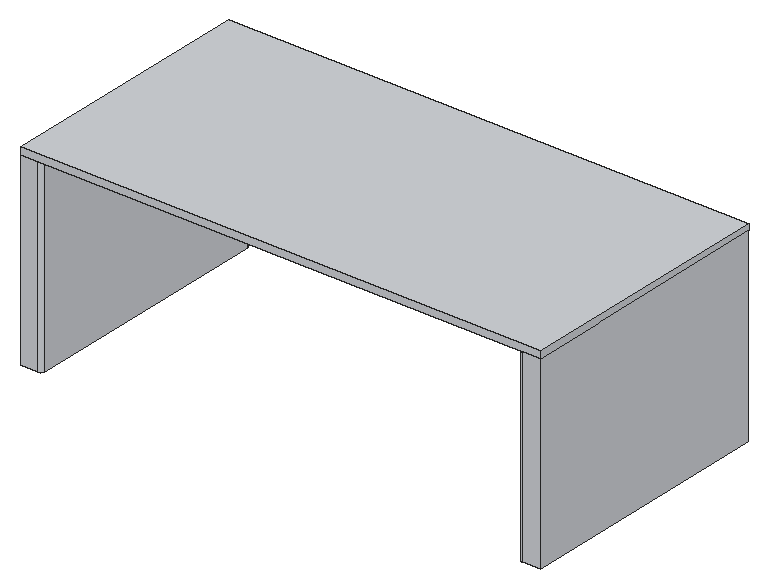
Revit family "Bernhardt_Design-Tables-Freestanding-Block_36h-Blueprint", category Furniture, Revit 2016
Family settings
  OmniClass Number = 23.40.20.00
  OmniClass Title = General Furniture and Specialties
  Work Plane-Based = No
  Always vertical = Yes
  Cut with Voids When Loaded = No
  Shared = No
  Room Calculation Point = No
Parameters (values of type "BPS-BKC-CCSQ000")
  Wood = none
  URL = "http://www.bernhardtdesign.com"
  TotalWidth = 96"
  TotalDepth = 48"
  TableWidth = TotalWidth / 2  # 48"
  TableTopHeight = TotalHeight - 1 1/4"  # 34 3/4"
  TotalHeight = 36"
  TableTop = none
  TableDepth = TotalDepth / 2  # 24"
  Spacer_96in = yes
  Spacer_72in = yes
  Spacer_120in = no
  SKU = "BPS-BKC-CCSQ000"
  RailCapFront = RailCap + 2"  # 2"
  RailCap = 0"
  Model = "Blueprint"  # constant formula
  Manufacturer = "Bernhardt Design"  # constant formula
  Railing_bottom = -Railing_top  # -42"
  Railing_top = CapDistance - 2"  # 42"
  LegDistance = 20"
  LegHeight = TableTopHeight  # 34 3/4"
  Copyright © = "Copyright © Bernhardt Design"  # constant formula
  Catalog = SKU  # "BPS-BKC-CCSQ000"
  CapDistance = 44"
  Blueprint Gray = Blueprint Gray
  BlackPaint = Black Paint
  Authoring Version = "Autodesk Revit 2016"  # constant formula
Types (9): name | TotalWidth | TotalDepth | TableWidth | TableDepth | Spacer_96in | SKU | Railing_bottom | Railing_top | Catalog | CapDistance
  BPS-BGA-CCSQ000 | 72" | 36" | 36" | 18" | no | "BPS-BGA-CCSQ000" | -30" | 30" | "BPS-BGA-CCSQ000" | 32"
  BPS-BKA-CCSQ000 | 96" | 36" | 48" | 18" | yes | "BPS-BKA-CCSQ000" | -42" | 42" | "BPS-BKA-CCSQ000" | 44"
  BPS-B0A-CCSQ000 | 120" | 36" | 60" | 18" | yes | "BPS-B0A-CCSQ000" | -54" | 54" | "BPS-B0A-CCSQ000" | 56"
  BPS-BGB-CCSQ000 | 72" | 42" | 36" | 21" | no | "BPS-BGB-CCSQ000" | -30" | 30" | "BPS-BGB-CCSQ000" | 32"
  BPS-B0B-CCSQ000 | 120" | 42" | 60" | 21" | yes | "BPS-B0B-CCSQ000" | -54" | 54" | "BPS-B0B-CCSQ000" | 56"
  BPS-BKB-CCSQ000 | 96" | 42" | 48" | 21" | yes | "BPS-BKB-CCSQ000" | -42" | 42" | "BPS-BKB-CCSQ000" | 44"
  BPS-B0C-CCSQ000 | 120" | 48" | 60" | 24" | yes | "BPS-B0C-CCSQ000" | -54" | 54" | "BPS-B0C-CCSQ000" | 56"
  BPS-BGC-CCSQ000 | 72" | 48" | 36" | 24" | no | "BPS-BGC-CCSQ000" | -30" | 30" | "BPS-BGC-CCSQ000" | 32"
  BPS-BKC-CCSQ000 | 96" | 48" | 48" | 24" | yes | "BPS-BKC-CCSQ000" | -42" | 42" | "BPS-BKC-CCSQ000" | 44"
Reference planes (in)
  plane 1 "Center Front/Back": y = 0
  plane 2: z = 0
  plane 3 "Center Left/Right": x = 0
  plane 4 "railTop_plane": z = 33.8248
  plane 5 "TableTop_plane": z = 36
  plane 6 "tableBottom_plane": z = 34.75
  plane 7 "railBottom_plane": z = 31.79724
  plane 8 "Crossbar_top_plane": y = 12.06057
  plane 9 "Crossbar_bottom_plane": y = -12.16143
  plane 10 "width_left_plane": x = -48
  plane 11 "width_right_plane": x = 48
  plane 12 "depth_top_plane": y = 24
  plane 13 "depth_bottom_plane": y = -24
  plane 14 "RailEnd_right_plane": x = 44
  plane 15 "RailEnd_left_plane": x = -44
  plane 16 "EndCap_right_plane": x = 45.74932
  plane 17 "EndCap_left_plane": x = -45.74269
Forms (in)
  Extrusion 1, solid, material <- "TableTop"
    sketch origin (0, 0, 0) x (1, 0, 0) y (0, 1, 0)
      loop
        line (-48, 24) -> (-48, -24) -> (48, -24) -> (48, 24) -> (-48, 24)
    from 36 <- "TotalHeight" to 34.75 <- "TableTopHeight"
  Extrusion 2, solid, material "Blueprint Gray" <- "Blueprint Gray"
    sketch origin (0, -6.68362, 17.41142) x (0, -1, 0) y (0, 0, 1)
      loop
        arc (-0.89738, 16.41338) -> (-0.95224, 16.39066) -> (-0.97496, 16.3358) r 0.07758
        line (-0.97496, 16.3358) -> (-0.97496, 14.46243)
        arc (-0.97496, 14.46243) -> (-0.95253, 14.40826) -> (-0.89836, 14.38583) r 0.0766
        line (-0.89836, 14.38583) -> (0.74076, 14.38583)
        arc (0.74076, 14.38583) -> (0.79557, 14.40853) -> (0.81827, 14.46334) r 0.07751
        line (0.81827, 14.46334) -> (0.81827, 16.334)
        arc (0.81827, 16.334) -> (0.79502, 16.39013) -> (0.73889, 16.41338) r 0.07938
        line (0.73889, 16.41338) -> (-0.89738, 16.41338)
      loop
        arc (-14.10793, 16.41338) -> (-14.16279, 16.39066) -> (-14.18551, 16.3358) r 0.07758
        line (-14.18551, 16.3358) -> (-14.18551, 14.46243)
        arc (-14.18551, 14.46243) -> (-14.16307, 14.40826) -> (-14.10891, 14.38583) r 0.0766
        line (-14.10891, 14.38583) -> (-12.46979, 14.38583)
        arc (-12.46979, 14.38583) -> (-12.41498, 14.40853) -> (-12.39228, 14.46334) r 0.07751
        line (-12.39228, 14.46334) -> (-12.39228, 16.334)
        arc (-12.39228, 16.334) -> (-12.41553, 16.39013) -> (-12.47166, 16.41338) r 0.07938
        line (-12.47166, 16.41338) -> (-14.10793, 16.41338)
    from -42 <- "Railing_bottom" to 42 <- "Railing_top"
  Extrusion 3, solid, material "Blueprint Gray" <- "Blueprint Gray"
    sketch origin (44, 0, 0) x (0, 0, -1) y (0, -1, 0)
      loop
        line (-34.75, -7.53436) -> (-31.7432, -7.53436) -> (-31.7432, -5.65936) -> (-34.75, -5.65936) -> (-34.75, -7.53436)
      loop
        line (-34.75, 5.66998) -> (-31.7432, 5.66998) -> (-31.7432, 7.53436) -> (-34.75, 7.53436) -> (-34.75, 5.66998)
    from 0 <- "RailCap" to 2 <- "RailCapFront"
  Extrusion 4, solid, material "Blueprint Gray" <- "Blueprint Gray"
    sketch origin (-44, 0, 0) x (0, 0, 1) y (0, -1, 0)
      loop
        line (34.75, -7.53436) -> (34.75, -5.65936) -> (31.7432, -5.65936) -> (31.7432, -7.53436) -> (34.75, -7.53436)
      loop
        line (34.75, 5.66998) -> (34.75, 7.53436) -> (31.7432, 7.53436) -> (31.7432, 5.66998) -> (34.75, 5.66998)
    from 0 <- "RailCap" to 2 <- "RailCapFront"
  Extrusion 5, solid, material "Blueprint Gray" <- "Blueprint Gray", visible <- "Spacer_72in"
    sketch origin (13.14909, 0, 0) x (0, -1, 0) y (0, 0, 1)
      loop
        line (-7.50051, 34.75) -> (-7.50051, 33.8248) -> (-5.67329, 33.8248) -> (-5.67329, 34.75) -> (-7.50051, 34.75)
      loop
        line (5.66998, 34.75) -> (5.66998, 33.8248) -> (7.49719, 33.8248) -> (7.49719, 34.75) -> (5.66998, 34.75)
    from 12.39763 to 13.89763
  Extrusion 6, solid, material "Blueprint Gray" <- "Blueprint Gray", visible <- "Spacer_72in"
    sketch origin (-31.18161, 0, 0) x (0, -1, 0) y (0, 0, -1)
      loop
        line (-7.50051, -34.75) -> (-5.67329, -34.75) -> (-5.67329, -33.8248) -> (-7.50051, -33.8248) -> (-7.50051, -34.75)
      loop
        line (5.66998, -34.75) -> (7.49719, -34.75) -> (7.49719, -33.8248) -> (5.66998, -33.8248) -> (5.66998, -34.75)
    from 12.39763 to 13.89763
  Extrusion 7, solid, material "Blueprint Gray" <- "Blueprint Gray", visible <- "Spacer_72in"
    sketch origin (31.18451, 0, 0) x (0, -1, 0) y (0, 0, 1)
      loop
        line (-7.50051, 34.75) -> (-7.50051, 33.8248) -> (-5.67329, 33.8248) -> (-5.67329, 34.75) -> (-7.50051, 34.75)
      loop
        line (5.66998, 34.75) -> (5.66998, 33.8248) -> (7.49719, 33.8248) -> (7.49719, 34.75) -> (5.66998, 34.75)
    from 12.39763 to 13.89763
  Extrusion 8, solid
    sketch origin (-12, -2, 0) x (-1, 0, 0) y (0, -1, 0)
      loop
        line (36, -26) -> (36, 22) -> (32.82201, 22)
        arc (32.82201, 22) -> (32.32077, 21.84235) -> (32, 21.42617) r 0.87568
        line (32, 21.42617) -> (32, -25.4173)
        arc (32, -25.4173) -> (32.31822, -25.83955) -> (32.82201, -26) r 0.87116
        line (32.82201, -26) -> (36, -26)
    from 0 to 34.75 <- "LegHeight"
  Extrusion 9, solid
    sketch origin (12, 0, 0) x (1, 0, 0) y (0, 1, 0)
      loop
        line (36, 24) -> (32.82201, 24)
        arc (32.82201, 24) -> (32.31822, 23.83955) -> (32, 23.4173) r 0.87116
        line (32, 23.4173) -> (32, -23.42617)
        arc (32, -23.42617) -> (32.32077, -23.84235) -> (32.82201, -24) r 0.87568
        line (32.82201, -24) -> (36, -24) -> (36, 24)
    from 0 to 34.75 <- "LegHeight"
  Extrusion 10, solid, material "Blueprint Gray" <- "Blueprint Gray", visible <- "Spacer_96in"
    sketch origin (-49.21996, 0, 0) x (0, -1, 0) y (0, 0, -1)
      loop
        line (-7.50051, -34.75) -> (-5.67329, -34.75) -> (-5.67329, -33.8248) -> (-7.50051, -33.8248) -> (-7.50051, -34.75)
      loop
        line (5.66998, -34.75) -> (7.49719, -34.75) -> (7.49719, -33.8248) -> (5.66998, -33.8248) -> (5.66998, -34.75)
    from 12.39763 to 13.89763
  Extrusion 11, solid, material "Blueprint Gray" <- "Blueprint Gray", visible <- "Spacer_96in"
    sketch origin (49.21994, 0, 0) x (0, -1, 0) y (0, 0, 1)
      loop
        line (-7.50051, 34.75) -> (-7.50051, 33.8248) -> (-5.67329, 33.8248) -> (-5.67329, 34.75) -> (-7.50051, 34.75)
      loop
        line (5.66998, 34.75) -> (5.66998, 33.8248) -> (7.49719, 33.8248) -> (7.49719, 34.75) -> (5.66998, 34.75)
    from 12.39763 to 13.89763
Dimensions and locks (in)
  "TotalHeight": plane 5 "TableTop_plane" to level
  "TableDepth": plane 1 "Center Front/Back" to plane 12 "depth_top_plane"
  "TableDepth": plane 13 "depth_bottom_plane" to plane 1 "Center Front/Back"
  "TableWidth": plane 10 "width_left_plane" to plane 3 "Center Left/Right"
  "TableWidth": plane 3 "Center Left/Right" to plane 11 "width_right_plane"
  locked: plane 17 "EndCap_left_plane" to plane 15 "RailEnd_left_plane" at 1.74269
  locked: plane 14 "RailEnd_right_plane" to plane 16 "EndCap_right_plane" at 1.74932
  "CapDistance": plane 15 "RailEnd_left_plane" to plane 3 "Center Left/Right"
  "CapDistance": plane 3 "Center Left/Right" to plane 14 "RailEnd_right_plane"
  locked: plane 5 "TableTop_plane" to plane 7 "railBottom_plane" at 4.20276
  locked: plane 4 "railTop_plane" to plane 7 "railBottom_plane" at 2.02756
  locked: plane 6 "tableBottom_plane" to plane 4 "railTop_plane" at 0.9252
  "TotalDepth": Extrusion 8 sketch curve to Extrusion 8 sketch curve
  "TableDepth": plane 1 "Center Front/Back" to Extrusion 8
  "TotalDepth": Extrusion 9 sketch curve to Extrusion 9 sketch curve
  "TableDepth": plane 1 "Center Front/Back" to Extrusion 9
  aligned and locked: level to plane 2
  aligned and locked: Extrusion 1 to plane 12 "depth_top_plane"
  aligned and locked: plane 11 "width_right_plane" to Extrusion 1
  aligned and locked: Extrusion 1 to plane 10 "width_left_plane"
  aligned and locked: plane 13 "depth_bottom_plane" to Extrusion 1
  aligned and locked: Extrusion 8 to Extrusion 1
  aligned and locked: Extrusion 9 to Extrusion 1
Automatic sketch dimensions
  Extrusion 1 sketch curve to plane 10 "width_left_plane" = 0"
  Extrusion 1 sketch curve to plane 11 "width_right_plane" = 0"
  plane 13 "depth_bottom_plane" to Extrusion 1 sketch curve = 0"
  plane 12 "depth_top_plane" to Extrusion 1 sketch curve = 0"
  plane 7 "railBottom_plane" to Extrusion 2 sketch curve = 0"  (x2)
  plane 4 "railTop_plane" to Extrusion 2 sketch curve = 0"  (x2)
  Extrusion 2 sketch curve to plane 7 "railBottom_plane" = 0.0766"  (x2)
  Extrusion 2 sketch curve to plane 8 "Crossbar_top_plane" = 4.55867"
  Extrusion 2 sketch curve to Extrusion 2 sketch curve = 0.07758"
  Extrusion 2 sketch curve to Extrusion 2 sketch curve = 1.63627"  (x2)
  Extrusion 2 sketch curve to plane 7 "railBottom_plane" = 0.07751"  (x2)
  Extrusion 2 sketch curve to Extrusion 2 sketch curve = 1.63912"  (x2)
  plane 4 "railTop_plane" to Extrusion 2 sketch curve = 0.07758"
  plane 1 "Center Front/Back" to Extrusion 2 sketch curve = 5.70865"
  Extrusion 3 sketch curve to plane 6 "tableBottom_plane" = 0"  (x2)
  plane 7 "railBottom_plane" to Extrusion 3 sketch curve = 0.05404"  (x2)
  Extrusion 3 sketch curve to plane 8 "Crossbar_top_plane" = 4.52621"
  Extrusion 3 sketch curve to Extrusion 3 sketch curve = 1 7/8"
  plane 1 "Center Front/Back" to Extrusion 3 sketch curve = 5.66998"
  Extrusion 3 sketch curve to Extrusion 3 sketch curve = 1.86438"
  Extrusion 4 sketch curve to plane 6 "tableBottom_plane" = 0"  (x2)
  plane 7 "railBottom_plane" to Extrusion 4 sketch curve = 0.05404"  (x2)
  Extrusion 4 sketch curve to plane 8 "Crossbar_top_plane" = 4.52621"
  Extrusion 4 sketch curve to Extrusion 4 sketch curve = 1 7/8"
  plane 1 "Center Front/Back" to Extrusion 4 sketch curve = 5.66998"
  Extrusion 4 sketch curve to Extrusion 4 sketch curve = 1.86438"
  plane 4 "railTop_plane" to Extrusion 5 sketch curve = 0"  (x2)
  Extrusion 5 sketch curve to plane 6 "tableBottom_plane" = 0"  (x2)
  Extrusion 5 sketch curve to plane 8 "Crossbar_top_plane" = 4.56006"
  Extrusion 5 sketch curve to Extrusion 5 sketch curve = 1.82721"  (x2)
  plane 1 "Center Front/Back" to Extrusion 5 sketch curve = 5.66998"
  plane 4 "railTop_plane" to Extrusion 6 sketch curve = 0"  (x2)
  Extrusion 6 sketch curve to plane 6 "tableBottom_plane" = 0"  (x2)
  Extrusion 6 sketch curve to plane 8 "Crossbar_top_plane" = 4.56006"
  Extrusion 6 sketch curve to Extrusion 6 sketch curve = 1.82721"  (x2)
  plane 1 "Center Front/Back" to Extrusion 6 sketch curve = 5.66998"
  plane 4 "railTop_plane" to Extrusion 7 sketch curve = 0"  (x2)
  Extrusion 7 sketch curve to plane 6 "tableBottom_plane" = 0"  (x2)
  Extrusion 7 sketch curve to plane 8 "Crossbar_top_plane" = 4.56006"
  Extrusion 7 sketch curve to Extrusion 7 sketch curve = 1.82721"  (x2)
  plane 1 "Center Front/Back" to Extrusion 7 sketch curve = 5.66998"
  plane 4 "railTop_plane" to Extrusion 10 sketch curve = 0"  (x2)
  Extrusion 10 sketch curve to plane 6 "tableBottom_plane" = 0"  (x2)
  Extrusion 10 sketch curve to plane 8 "Crossbar_top_plane" = 4.56006"
  Extrusion 10 sketch curve to Extrusion 10 sketch curve = 1.82721"  (x2)
  plane 1 "Center Front/Back" to Extrusion 10 sketch curve = 5.66998"
  plane 4 "railTop_plane" to Extrusion 11 sketch curve = 0"  (x2)
  Extrusion 11 sketch curve to plane 6 "tableBottom_plane" = 0"  (x2)
  Extrusion 11 sketch curve to plane 8 "Crossbar_top_plane" = 4.56006"
  Extrusion 11 sketch curve to Extrusion 11 sketch curve = 1.82721"  (x2)
  plane 1 "Center Front/Back" to Extrusion 11 sketch curve = 5.66998"
  Extrusion 8 sketch curve to plane 15 "RailEnd_left_plane" = 0"
  plane 12 "depth_top_plane" to Extrusion 8 sketch curve = 0"
  Extrusion 8 sketch curve to plane 10 "width_left_plane" = 0"
  Extrusion 8 sketch curve to plane 15 "RailEnd_left_plane" = 0.82201"  (x2)
  plane 12 "depth_top_plane" to Extrusion 8 sketch curve = 0.5827"
  Extrusion 8 sketch curve to Extrusion 8 sketch curve = 0.87568"
  Extrusion 9 sketch curve to plane 14 "RailEnd_right_plane" = 0"
  plane 12 "depth_top_plane" to Extrusion 9 sketch curve = 0"
  Extrusion 9 sketch curve to plane 11 "width_right_plane" = 0"
  Extrusion 9 sketch curve to plane 14 "RailEnd_right_plane" = 0.82201"  (x2)
  Extrusion 9 sketch curve to plane 13 "depth_bottom_plane" = 0.57383"
  Extrusion 9 sketch curve to Extrusion 9 sketch curve = 0.87116"
